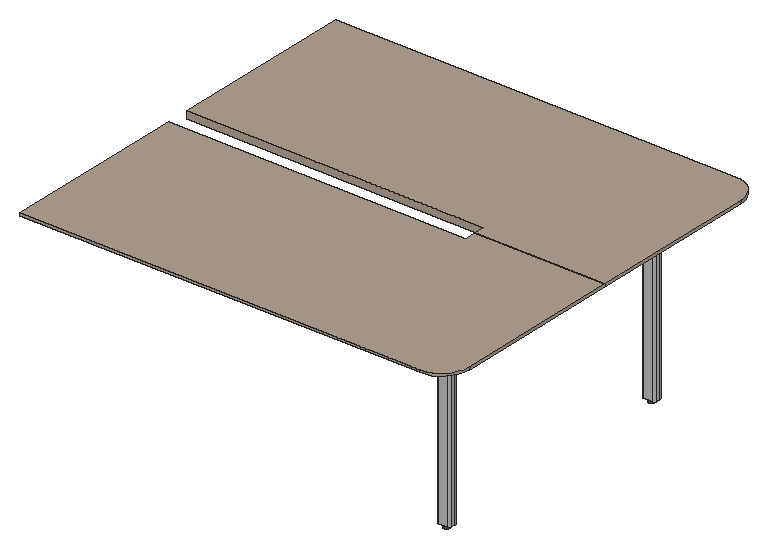
Revit family "Haworth_ActiveComponents_RectangleHalfConferenceEnd_BUILD", category Furniture Systems, Revit 2018
Family settings
  Round Connector Dimension = Use Diameter
  Part Type = Normal
  OmniClass Number = 23.40.70.14.64.21
  OmniClass Title = Systems Furniture
  Work Plane-Based = No
  Always vertical = Yes
  Cut with Voids When Loaded = No
  Shared = No
  Room Calculation Point = No
Parameters (values of type "24d 69w - 48 Panel Width")
  Worksurface Finish [instance] = Haworth _ Wood _ Light Maple VP-LM
  With Leg = yes
  Width = 69"
  Warranty = "https://www.haworth.com/resources/product-info/warranties"
  URL - Product = "https://www.haworth.com/products/workspaces/accessories/active-components"
  URL = "www.haworth.com"
  Thickness = 1 3/16"  # constant formula
  Radius = 3"  # constant formula
  Panel Width = 48"
  Overhang = Actual Width - Panel Width  # 21"
  Min. Width = 60"  # constant formula
  Min. Depth = 24"  # constant formula
  Max. Width = 72"  # constant formula
  Size = "Verify Final Dim. w/ Haworth"  # constant formula
  Revision Number = "1"  # constant formula
  Model = "WAYB"  # constant formula
  Max. Depth = 30"  # constant formula
  Manufacturer = "Haworth"  # constant formula
  Leg Finish [instance] = Haworth _ Paint _ Metallic Champagne
  Leg F/B Offset = 8 1/8"  # constant formula
  Description = "Haworth - Active Components - Rectangular Half Conference End"  # constant formula
  Depth = 23.68"
  Column Leg Offset = if(Actual Width = 72", 8 15/16", 7 15/16")  # 7 15/16"
  Column Leg Control = and(With Leg, not(Angled Leg Control))  # yes
  Author = "Haworth (Alias)"  # constant formula
  Assembly Code = "E2020200"
  Angled Leg Offset = 5 3/4"  # constant formula
  Angled Leg Control = and(With Leg, Overhang = 6")  # no
  Actual Width = if(Width < Min. Width, Min. Width, if(Width > Max. Width, Max. Width, Width))  # 69"
  Actual Height = 29 3/16"  # constant formula
  Actual Depth = if(Depth < Min. Depth, Min. Depth, if(Depth > Max. Depth, Max. Depth, Depth))  # 24"
Types (5): name | Width | Panel Width | Overhang | Depth | Column Leg Offset | Column Leg Control | Angled Leg Control | Actual Width | Actual Depth
  30d 72w - 48 Panel Width | 72" | 48" | 24" | 30" | 8 15/16" | yes | no | 72" | 30"
  30d 72w - 66 Panel Width | 72" | 66" | 6" | 30" | 8 15/16" | no | yes | 72" | 30"
  30d 60w - 42 Panel Width | 60" | 42" | 18" | 30" | 7 15/16" | yes | no | 60" | 30"
  30d 60w - 54 Panel Width | 60" | 54" | 6" | 30" | 7 15/16" | no | yes | 60" | 30"
  24d 69w - 48 Panel Width | 69" | 48" | 21" | 23.68" | 7 15/16" | yes | no | 69" | 24"
Reference planes (in)
  plane 1: z = 0
  plane 2 "Center L/R": x = 17.5
  plane 3 "Left Edge": x = -17
  plane 4 "Mid Left": y = -5.17681
  plane 5 "Front": y = -17.17681
  plane 6 "End Left 1": y = 6.82319
  plane 7 "Right Edge": x = 52
  plane 8 "Mid Right": y = 28.44819
  plane 9 "Back": y = 40.44819
  plane 10 "End Right 1": y = 16.44819
  plane 11 "Center F/B": y = 11.63569
  plane 12 "Top": z = 29.1875
  plane 13: x = 46.25
  plane 14: x = 44.0625
  plane 15: y = -9.05181
  plane 16: y = 32.32319
Dimensions and locks (in)
  "Actual Depth": plane 6 "End Left 1" to plane 5 "Front"
  "Actual Width": plane 3 "Left Edge" to plane 7 "Right Edge"
  equal spacing: plane 3 "Left Edge", plane 2 "Center L/R", plane 7 "Right Edge"
  equal spacing: plane 5 "Front", plane 4 "Mid Left", plane 6 "End Left 1"
  "Actual Depth": plane 10 "End Right 1" to plane 9 "Back"
  equal spacing: plane 10 "End Right 1", plane 8 "Mid Right", plane 9 "Back"
  "Actual Height": plane 12 "Top" to plane 1
  "Angled Leg Offset": plane 13 to plane 7 "Right Edge"
  "Column Leg Offset": plane 14 to plane 7 "Right Edge"
  "Leg F/B Offset": plane 16 to plane 9 "Back"
  "Leg F/B Offset": plane 15 to plane 5 "Front"
  equal spacing: plane 6 "End Left 1", plane 11 "Center F/B", plane 10 "End Right 1"
  aligned and locked: plane 2 "Center L/R" to nested 1
  aligned and locked: plane 1 to nested 2
  aligned and locked: plane 1 to nested 3
  aligned and locked: plane 1 to nested 1
  aligned and locked: nested 4 to plane 1
  aligned and locked: nested 6 to plane 1
  aligned and locked: nested 5 to plane 1
  aligned and locked: plane 11 "Center F/B" to nested 1
  aligned and locked: nested 4 to plane 2 "Center L/R"
  aligned and locked: plane 11 "Center F/B" to nested 4
  aligned and locked: nested 2 to plane 13
  aligned and locked: plane 13 to nested 5
  aligned and locked: plane 14 to nested 6
  aligned and locked: nested 3 to plane 14
  aligned and locked: nested 2 to plane 15
  aligned and locked: plane 16 to nested 5
  aligned and locked: plane 15 to nested 3
  aligned and locked: nested 6 to plane 16
Nested families (in)
  nested 1: "Haworth_ActiveComponents_RectangleHalfConferenceEnd_Part" at (0, 2.6875, 0), Worksurface Finish <- "Worksurface Finish", type "Worksurface"
    with Worksurface Finish Haworth _ Wood _ Light Maple VP-LM, Overhang 21", Panel Width 48", Actual Width 69"
  nested 2: "Haworth_ActiveComponents_AngledLeg_BUILD" at (45.25, -16.98762, 0), visible <- "Angled Leg Control", type "Angled Leg"
  nested 3: "Haworth_ActiveComponents_ColumnLeg_BUILD" at (42.96875, -9.05181, 0) x (0, 1, 0) z (0, 0, 1), visible <- "Column Leg Control", type "Column Leg"
  nested 4: "Haworth_ActiveComponents_RectangleHalfConferenceEnd_Part" at (0, 20.58388, 0), Worksurface Finish <- "Worksurface Finish", type "Worksurface"
    with Worksurface Finish Haworth _ Wood _ Light Maple VP-LM, Overhang 21", Panel Width 48", Actual Width 69"
  nested 5: "Haworth_ActiveComponents_AngledLeg_BUILD" at (45.25, 40.259, 0), visible <- "Angled Leg Control", type "Angled Leg"
  nested 6: "Haworth_ActiveComponents_ColumnLeg_BUILD" at (42.96875, 32.32319, 0) x (0, -1, 0) z (0, 0, 1), visible <- "Column Leg Control", type "Column Leg"
Definition of nested family "Haworth_ActiveComponents_RectangleHalfConferenceEnd_Part"
  Parameters (values of type "30d 72w - 66 Panel Width")
    Worksurface Finish [instance] = none
    Warranty = "https://www.haworth.com/resources/product-info/warranties"
    URL - Product = "https://www.haworth.com/products/workspaces/accessories/active-components"
    URL = "www.haworth.com"
    Thickness = 1 3/16"  # constant formula
    Radius = 4 1/2"  # constant formula
    Overhang = Actual Width - Panel Width  # 6"
    Panel Width = 66"
    Overall Depth = 31 13/16"  # constant formula
    Min. Width = 60"  # constant formula
    Max. Width = 72"  # constant formula
    Size = "Verify Final Dim. w/ Haworth"  # constant formula
    Revision Number = "1"  # constant formula
    Model = "WAYB"  # constant formula
    Manufacturer = "Haworth"  # constant formula
    Description = "Haworth - Active Components - Rectangle Half Conference End"  # constant formula
    Author = "Haworth (Alias)"  # constant formula
    Assembly Code = "E2020200"
    Actual Width = 72"
    Actual Height = 29 3/16"  # constant formula
    Actual Depth = 30"  # constant formula
  Types (4): name | Overhang | Panel Width | Actual Width
    30d 72w - 48 Panel Width | 24" | 48" | 72"
    30d 72w - 66 Panel Width | 6" | 66" | 72"
    30d 60w - 54 Panel Width | 6" | 54" | 60"
    30d 60w - 42 Panel Width | 18" | 42" | 60"
  Reference planes (in)
    plane 1: z = 0
    plane 2 "Center L/R": x = 17.5
    plane 3 "Left Edge": x = -18.5
    plane 4 "Right Panel": x = 47.5
    plane 5 "Support Top": z = 29.1875
    plane 6 "Center F/B": y = -7.86431
    plane 7 "Back": y = 7.13569
    plane 8 "Front": y = -22.86431
    plane 9 "Knife Edge": y = -20.86431
    plane 10 "Knife Edge Seam": z = 28.8125
    plane 11: y = 8.94819
    plane 12 "Right Edge": x = 53.5
    plane 13 "Knife Edge 2": x = 51.5
    plane 14 "Knife Edge Back": y = 6.94819
    plane 15: z = 28
  Forms (in)
    Extrusion 1, solid, material <- "Worksurface Finish"
      sketch origin (0, 0, 0) x (1, 0, 0) y (0, 1, 0)
        loop
          line (-18.5, 7.13569) -> (-18.5, -22.86431) -> (49, -22.86431)
          arc (49, -22.86431) -> (52.18198, -21.54629) -> (53.5, -18.36431) r 4.5
          line (53.5, -18.36431) -> (53.5, 8.94819) -> (47.5, 8.94819) -> (47.5, 7.13569) -> (-18.5, 7.13569)
      from 28 to 29.1875
    Sweep 2, void
      path origin (0, 0, 0) x (1, 0, 0) y (0, 1, 0)
        loop
          line (-18.5, -20.86431) -> (49, -20.86431)
          arc (49, -20.86431) -> (50.76777, -20.13208) -> (51.5, -18.36431) r 2.5
          line (51.5, -18.36431) -> (51.5, 8.94819)
      profile origin (15.25, -20.86431, 0) x (0, 1, 0) y (0, 0, 1)
        loop
          line (0, 28) -> (-2, 28.8125) -> (-2, 28) -> (0, 28)
  Cuts and joins
    Sweep 2 cuts Extrusion 1
  Lines and regions (in)
    Masking region 1
      outline origin (0, 0, 0) x (1, 0, 0) y (0, 1, 0)
        loop
          line (53.5, 8.94819) -> (47.5, 8.94819) -> (47.5, 7.13569) -> (-18.5, 7.13569) -> (-18.5, -22.86431) -> (49, -22.86431)
          arc (49, -22.86431) -> (52.18198, -21.54629) -> (53.5, -18.36431) r 4.5
          line (53.5, -18.36431) -> (53.5, 8.94819)
  Dimensions and locks (in)
    equal spacing: plane 8 "Front", plane 6 "Center F/B", plane 7 "Back"
    "Actual Depth": plane 8 "Front" to plane 7 "Back"
    locked: plane 5 "Support Top" to plane 10 "Knife Edge Seam" at 0.375
    "Overall Depth": plane 11 to plane 8 "Front"
    "Actual Width": plane 3 "Left Edge" to plane 12 "Right Edge"
    locked: plane 13 "Knife Edge 2" to plane 12 "Right Edge" at 2
    locked: plane 8 "Front" to plane 9 "Knife Edge" at 2
    equal spacing: plane 3 "Left Edge", plane 2 "Center L/R", plane 12 "Right Edge"
    "Panel Width": plane 3 "Left Edge" to plane 4 "Right Panel"
    locked: plane 14 "Knife Edge Back" to plane 11 at 2
    "Thickness": plane 15 to plane 5 "Support Top"
    "Actual Height": plane 5 "Support Top" to plane 1
    "Radius": radius of Extrusion 1 sketch curve
    "Radius": radius of Masking region 1 sketch curve
    radius of Sweep 2 sketch curve = 2 1/2"
    aligned and locked: Extrusion 1 sketch curve to plane 3 "Left Edge"
    aligned and locked: Extrusion 1 sketch curve to plane 7 "Back"
    aligned and locked: Extrusion 1 sketch curve to plane 8 "Front"
    aligned and locked: Extrusion 1 sketch curve to plane 12 "Right Edge"
    aligned and locked: Extrusion 1 sketch curve to plane 11
    aligned and locked: Extrusion 1 sketch curve to plane 4 "Right Panel"
    aligned and locked: Sweep 2 sketch curve to plane 13 "Knife Edge 2"
    aligned and locked: plane 3 "Left Edge" to Sweep 2 sketch curve
    aligned and locked: Sweep 2 sketch curve to plane 9 "Knife Edge"
    aligned and locked: plane 3 "Left Edge" to Masking region 1 sketch curve
    aligned and locked: plane 7 "Back" to Masking region 1 sketch curve
    aligned and locked: Masking region 1 sketch curve to plane 4 "Right Panel"
    aligned and locked: plane 11 to Masking region 1 sketch curve
    aligned and locked: plane 12 "Right Edge" to Masking region 1 sketch curve
    aligned and locked: plane 8 "Front" to Masking region 1 sketch curve
    aligned and locked: plane 11 to Sweep 2 sketch curve
    aligned and locked: plane 5 "Support Top" to cut or joined group of Extrusion 1, Sweep 2
    aligned and locked: plane 15 to cut or joined group of Extrusion 1, Sweep 2
    aligned and locked: plane 8 "Front" to Sweep 2 sketch curve
    aligned and locked: plane 15 to Sweep 2 sketch curve
    aligned and locked: plane 10 "Knife Edge Seam" to Sweep 2 sketch curve
    aligned and locked: profile plane to Sweep 2 sketch curve
Definition of nested family "Haworth_ActiveComponents_AngledLeg_BUILD"
  Parameters (values of type "Angled Leg")
    Warranty = "https://www.haworth.com/resources/product-info/warranties"
    URL - Product = "https://www.haworth.com/products/workspaces/accessories/active-components"
    URL = "www.haworth.com"
    Trim Finish = none
    Revision = "1"  # constant formula
    Note = "Verify Final Dim. w/ Haworth"  # constant formula
    Model = "Haworth Active Components"  # constant formula
    Manufacturer = "Haworth"  # constant formula
    Leg Height = 28"  # constant formula
    Glide Finish = none
    Description = "Haworth Active Components - Angled Leg"  # constant formula
    Author = "Haworth (Alias)"  # constant formula
    Assembly Code = ""
  Reference planes (in)
    plane 1 "Front": y = 0
    plane 2 "Bottom": z = 0
    plane 3 "Center (Left/Right)": x = 0
    plane 4 "Glide End": z = 0.5
    plane 5 "Right": x = 1
    plane 6 "Left": x = -1
    plane 7: z = 28
    plane 8 "Back": y = 11.0625
    plane 9: z = 28
    plane 10: z = 27.764
    plane 11 "Top Middle": y = 7.93581
  Forms (in)
    Extrusion 1, solid, material <- "Glide Finish"
      sketch origin (0, 0, 0) x (1, 0, 0) y (0, 1, 0)
        loop
          circle (0, 0.625) r 0.5
      from 0 to 0.5
    Blend 2, solid, material <- "Trim Finish"
      base sketch origin (0, 0, 0) x (1, 0, 0) y (0, 1, 0)
        loop
          line (-0.625, 0) -> (0.625, 0)
          arc (0.625, 0) -> (0.89017, 0.10983) -> (1, 0.375) r 0.375
          line (1, 0.375) -> (1, 1.1875) -> (-1, 1.1875) -> (-1, 0.375)
          arc (-1, 0.375) -> (-0.89017, 0.10983) -> (-0.625, 0) r 0.375
      top sketch origin (0, 0, 0) x (1, 0, 0) y (0, 1, 0)
        loop
          line (-1, 8.52956) -> (-1, 7.71706)
          arc (-1, 7.71706) -> (-0.89017, 7.45189) -> (-0.625, 7.34206) r 0.375
          line (-0.625, 7.34206) -> (0.625, 7.34206)
          arc (0.625, 7.34206) -> (0.89017, 7.45189) -> (1, 7.71706) r 0.375
          line (1, 7.71706) -> (1, 8.52956) -> (-1, 8.52956)
      from 0.5 to 27.764
    Extrusion 3, solid, material <- "Trim Finish"
      sketch origin (0, 0, 0) x (1, 0, 0) y (0, 1, 0)
        loop
          arc (-3.39, 11.0625) -> (-3.65517, 10.95267) -> (-3.765, 10.6875) r 0.375
          line (-3.765, 10.6875) -> (-3.765, 7.43264)
          arc (-3.765, 7.43264) -> (-3.65517, 7.16748) -> (-3.39, 7.05764) r 0.375
          line (-3.39, 7.05764) -> (0.86, 7.05764)
          arc (0.86, 7.05764) -> (1.12517, 7.16748) -> (1.235, 7.43264) r 0.375
          line (1.235, 7.43264) -> (1.235, 10.6875)
          arc (1.235, 10.6875) -> (1.12517, 10.95267) -> (0.86, 11.0625) r 0.375
          line (0.86, 11.0625) -> (-3.39, 11.0625)
      from 27.764 to 28
  Lines and regions (in)
    Masking region 1, detail levels medium+fine
      outline origin (0, 0, 0) x (1, 0, 0) y (0, 1, 0)
        loop
          arc (-0.985, 0.40547) -> (-0.87035, 0.1231) -> (-0.5913, 0.00058) r 0.40505
          line (-0.5913, 0.00058) -> (0.57004, 0.00058)
          arc (0.57004, 0.00058) -> (0.86642, 0.1119) -> (0.985, 0.40544) r 0.39368
          line (0.985, 0.40544) -> (0.985, 8.52956) -> (-0.985, 8.52956) -> (-0.985, 0.40547)
    symbolic lines, detail levels medium+fine
      curve 1: line (-3.39, 7.05764, 0) -> (0.86, 7.05764, 0)
      curve 2: arc (0.86, 7.05764, 0) -> (1.12517, 7.16748, 0) -> (1.235, 7.43264, 0) r 0.375
      curve 3: line (1.235, 7.43264, 0) -> (1.235, 10.6875, 0)
      curve 4: arc (1.235, 10.6875, 0) -> (1.12517, 10.95267, 0) -> (0.86, 11.0625, 0) r 0.375
      curve 5: line (0.86, 11.0625, 0) -> (-3.39, 11.0625, 0)
      curve 6: arc (-3.39, 11.0625, 0) -> (-3.65517, 10.95267, 0) -> (-3.765, 10.6875, 0) r 0.375
      curve 7: line (-3.765, 10.6875, 0) -> (-3.765, 7.43264, 0)
      curve 8: arc (-3.765, 7.43264, 0) -> (-3.65517, 7.16748, 0) -> (-3.39, 7.05764, 0) r 0.375
  Dimensions and locks (in)
    level to plane 4 "Glide End" = 1/2"
    locked: plane 4 "Glide End" to plane 2 "Bottom" at 0.5
    "Leg Height": plane 7 to plane 2 "Bottom"
    equal spacing: plane 6 "Left", plane 3 "Center (Left/Right)", plane 5 "Right"
    locked: plane 6 "Left" to plane 5 "Right" at 2
    locked: plane 1 "Front" to plane 8 "Back" at 11.0625
    locked: plane 1 "Front" to Extrusion 1 sketch curve at 0.625
    locked: Blend 2 sketch curve to plane 1 "Front" at 1.1875
    locked: Blend 2 sketch curve to plane 8 "Back" at 2.53294
    locked: Blend 2 sketch curve to Blend 2 sketch curve at 1.1875
    locked: plane 9 to plane 10 at 0.236
    locked: Extrusion 3 sketch curve to Extrusion 3 sketch curve at 4.00486
    locked: plane 5 "Right" to Extrusion 3 sketch curve at 0.235
    locked: Extrusion 3 sketch curve to plane 6 "Left" at 2.765
    aligned and locked: Extrusion 1 to plane 2 "Bottom"
    aligned and locked: Extrusion 1 to plane 4 "Glide End"
    aligned and locked: plane 5 "Right" to Blend 2 sketch curve
    aligned and locked: plane 6 "Left" to Blend 2 sketch curve
    aligned and locked: Blend 2 sketch curve to plane 6 "Left"
    aligned and locked: Blend 2 sketch curve to plane 5 "Right"
    aligned and locked: plane 4 "Glide End" to Blend 2
    aligned and locked: plane 3 "Center (Left/Right)" to Extrusion 1 sketch curve
    aligned and locked: plane 1 "Front" to Blend 2 sketch curve
    aligned and locked: plane 10 to Blend 2
    aligned and locked: Extrusion 3 sketch curve to plane 8 "Back"
    aligned and locked: plane 9 to Extrusion 3
    aligned and locked: Extrusion 3 to plane 10
  Automatic sketch dimensions
    Blend 2 sketch curve to plane 6 "Left" = 3/8"  (x2)
    Blend 2 sketch curve to plane 5 "Right" = 3/8"  (x2)
    Extrusion 3 sketch curve to Extrusion 3 sketch curve = 3/8"
    Extrusion 3 sketch curve to plane 8 "Back" = 3/8"
    Extrusion 3 sketch curve to plane 5 "Right" = 0.14"  (x2)
    Masking region 1 sketch curve to plane 6 "Left" = 0.015"
    Masking region 1 sketch curve to plane 1 "Front" = 0.00058"
    Masking region 1 sketch curve to plane 6 "Left" = 0.4087"
    Masking region 1 sketch curve to Masking region 1 sketch curve = 0.40505"
    Masking region 1 sketch curve to plane 5 "Right" = 0.42996"
    Masking region 1 sketch curve to Masking region 1 sketch curve = 0.02145"
    Masking region 1 sketch curve to plane 5 "Right" = 0.015"
    Masking region 1 sketch curve to plane 1 "Front" = 0.39368"
    Masking region 1 sketch curve to plane 11 "Top Middle" = 19/32"
    curve 6 to plane 8 "Back" = 0"
    curve 7 to plane 8 "Back" = 3/8"
    plane 6 "Left" to curve 7 = 2.765"
    curve 7 to curve 8 = 3/8"
    curve 1 to plane 5 "Right" = 0.14"
    curve 4 to plane 5 "Right" = 0.14"
    plane 5 "Right" to curve 3 = 0.235"
    plane 11 "Top Middle" to curve 2 = 0.50317"
    radius of Extrusion 1 sketch curve = 1/2"
Definition of nested family "Haworth_ActiveComponents_ColumnLeg_BUILD"
  Parameters (values of type "Column Leg")
    Warranty = "https://www.haworth.com/resources/product-info/warranties"
    URL - Product = "https://www.haworth.com/products/workspaces/accessories/active-components"
    URL = "www.haworth.com"
    Trim Finish = none
    Revision = "1"  # constant formula
    Note = "Verify Final Dim. w/ Haworth"  # constant formula
    Model = "Haworth Active Components"  # constant formula
    Manufacturer = "Haworth"  # constant formula
    Leg Height = 28"  # constant formula
    Glide Finish = none
    Description = "Haworth Active Components - Column Leg"  # constant formula
    Author = "Haworth (Alias)"  # constant formula
    Assembly Code = ""
  Reference planes (in)
    plane 1 "Center (Front/Back)": y = 0
    plane 2 "Bottom": z = 0
    plane 3 "Center (Left/Right)": x = 0
    plane 4: z = 0.5
    plane 5 "Right": x = 0.6875
    plane 6 "Left": x = -0.6875
    plane 7 "Back": y = 1.09375
    plane 8 "Front": y = -1.09375
    plane 9: z = 28
    plane 10: z = 27.8125
  Forms (in)
    Extrusion 1, solid, material <- "Trim Finish"
      sketch origin (0, 0, 2.5625) x (-1, 0, 0) y (0, -1, 0)
        loop
          arc (0.3125, -1.09375) -> (0.57767, -0.98392) -> (0.6875, -0.71875) r 0.375
          line (0.6875, -0.71875) -> (0.6875, 0.71875)
          arc (0.6875, 0.71875) -> (0.57767, 0.98392) -> (0.3125, 1.09375) r 0.375
          line (0.3125, 1.09375) -> (-0.3125, 1.09375)
          arc (-0.3125, 1.09375) -> (-0.57767, 0.98392) -> (-0.6875, 0.71875) r 0.375
          line (-0.6875, 0.71875) -> (-0.6875, -0.71875)
          arc (-0.6875, -0.71875) -> (-0.57767, -0.98392) -> (-0.3125, -1.09375) r 0.375
          line (-0.3125, -1.09375) -> (0.3125, -1.09375)
      from -2.0625 to 25.25
    Extrusion 2, solid, material <- "Glide Finish"
      sketch origin (0, 0, 0) x (1, 0, 0) y (0, 1, 0)
        loop
          circle (0, 0) r 0.53553
      from 0 to 0.5
    Extrusion 3, solid, material <- "Trim Finish"
      sketch origin (0, 0, 0) x (1, 0, 0) y (0, 1, 0)
        loop
          arc (-2.625, 3) -> (-2.89017, 2.89017) -> (-3, 2.625) r 0.375
          line (-3, 2.625) -> (-3, -2.625)
          arc (-3, -2.625) -> (-2.89017, -2.89017) -> (-2.625, -3) r 0.375
          line (-2.625, -3) -> (2.625, -3)
          arc (2.625, -3) -> (2.89017, -2.89017) -> (3, -2.625) r 0.375
          line (3, -2.625) -> (3, 2.625)
          arc (3, 2.625) -> (2.89017, 2.89017) -> (2.625, 3) r 0.375
          line (2.625, 3) -> (-2.625, 3)
      from 27.8125 to 28
  Lines and regions (in)
    Masking region 1, detail levels medium+fine
      outline origin (0, 0, 0) x (1, 0, 0) y (0, 1, 0)
        loop
          arc (-0.3125, 1.09375) -> (-0.57767, 0.98392) -> (-0.6875, 0.71875) r 0.375
          line (-0.6875, 0.71875) -> (-0.6875, -0.71875)
          arc (-0.6875, -0.71875) -> (-0.57767, -0.98392) -> (-0.3125, -1.09375) r 0.375
          line (-0.3125, -1.09375) -> (0.3125, -1.09375)
          arc (0.3125, -1.09375) -> (0.57767, -0.98392) -> (0.6875, -0.71875) r 0.375
          line (0.6875, -0.71875) -> (0.6875, 0.71875)
          arc (0.6875, 0.71875) -> (0.57767, 0.98392) -> (0.3125, 1.09375) r 0.375
          line (0.3125, 1.09375) -> (-0.3125, 1.09375)
    symbolic lines, detail levels medium+fine
      curve 1: line (2.625, 3, 0) -> (-2.625, 3, 0)
      curve 2: arc (-2.625, 3, 0) -> (-2.89017, 2.89017, 0) -> (-3, 2.625, 0) r 0.375
      curve 3: line (-3, 2.625, 0) -> (-3, -2.625, 0)
      curve 4: arc (-3, -2.625, 0) -> (-2.89017, -2.89017, 0) -> (-2.625, -3, 0) r 0.375
      curve 5: line (-2.625, -3, 0) -> (2.625, -3, 0)
      curve 6: arc (2.625, -3, 0) -> (2.89017, -2.89017, 0) -> (3, -2.625, 0) r 0.375
      curve 7: line (3, -2.625, 0) -> (3, 2.625, 0)
      curve 8: arc (3, 2.625, 0) -> (2.89017, 2.89017, 0) -> (2.625, 3, 0) r 0.375
  Dimensions and locks (in)
    level to plane 4 = 1/2"
    locked: plane 4 to plane 2 "Bottom" at 0.5
    equal spacing: plane 6 "Left", plane 3 "Center (Left/Right)", plane 5 "Right"
    locked: plane 6 "Left" to plane 5 "Right" at 1.375
    equal spacing: plane 8 "Front", plane 1 "Center (Front/Back)", plane 7 "Back"
    locked: plane 7 "Back" to plane 8 "Front" at 2.1875
    "Leg Height": plane 9 to plane 2 "Bottom"
    locked: plane 9 to plane 10 at 0.1875
    locked: plane 3 "Center (Left/Right)" to Extrusion 3 sketch curve at 3
    locked: Extrusion 3 sketch curve to plane 3 "Center (Left/Right)" at 3
    locked: Extrusion 3 sketch curve to plane 1 "Center (Front/Back)" at 3
    locked: plane 1 "Center (Front/Back)" to Extrusion 3 sketch curve at 3
    aligned and locked: Extrusion 2 to plane 2 "Bottom"
    aligned and locked: Extrusion 2 to plane 4
    aligned and locked: plane 4 to Extrusion 1
    aligned and locked: plane 1 "Center (Front/Back)" to Extrusion 2 sketch curve
    aligned and locked: plane 3 "Center (Left/Right)" to Extrusion 2 sketch curve
    aligned and locked: Extrusion 1 sketch curve to plane 5 "Right"
    aligned and locked: Extrusion 1 sketch curve to plane 6 "Left"
    aligned and locked: Extrusion 1 sketch curve to plane 7 "Back"
    aligned and locked: Extrusion 1 sketch curve to plane 8 "Front"
    aligned and locked: Masking region 1 sketch curve to plane 5 "Right"
    aligned and locked: Masking region 1 sketch curve to plane 7 "Back"
    aligned and locked: Masking region 1 sketch curve to plane 6 "Left"
    aligned and locked: Masking region 1 sketch curve to plane 8 "Front"
    aligned and locked: plane 10 to Extrusion 1
    aligned and locked: plane 9 to Extrusion 3
    aligned and locked: Extrusion 3 to plane 10
  Automatic sketch dimensions
    plane 3 "Center (Left/Right)" to Extrusion 1 sketch curve = 5/16"  (x2)
    Extrusion 1 sketch curve to plane 3 "Center (Left/Right)" = 5/16"  (x2)
    Masking region 1 sketch curve to plane 3 "Center (Left/Right)" = 5/16"  (x2)
    plane 3 "Center (Left/Right)" to Masking region 1 sketch curve = 5/16"  (x2)
    Extrusion 3 sketch curve to Extrusion 3 sketch curve = 3/8"  (x3)
    plane 5 "Right" to Extrusion 3 sketch curve = 1 15/16"
    plane 6 "Left" to curve 3 = 2 5/16"
    curve 3 to curve 5 = 3/8"
    curve 2 to curve 1 = 3/8"
    plane 5 "Right" to curve 1 = 1 15/16"
    plane 5 "Right" to curve 5 = 1 15/16"
    curve 8 to curve 7 = 3/8"
    plane 8 "Front" to curve 5 = 1 29/32"
    plane 7 "Back" to curve 2 = 1 17/32"
    radius of Extrusion 2 sketch curve = 0.53553"
